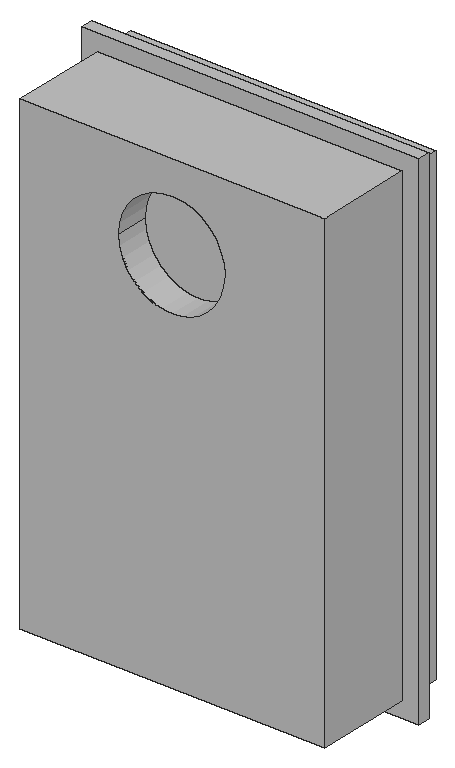
Revit family "Supply_System-Fittings-Golan_Plastic_Products-PlasticBoxForBoiler-00", category Generic Models, Revit 2015
Parameters (values of type "Std")
  URL = "https://golanplastic.com/%D7%A4%D7%A7%D7%A1%D7%92%D7%95%D7%9C-is/"
  Manufacturer = "Golan Plastic Product Ltd."  # constant formula
  Price [instance] = 23  # constant formula
  Part Number [instance] = "94202025"  # constant formula
  IsCustom [instance] = no
  Dimension [instance] = ""
  Default Elevation = 0.000 mm
Reference planes
  plane 1 "Centro (Fronte/Retro)": y = 0
  plane 2: z = 0
  plane 3 "Centro (Sinistra/Destra)": x = 0
Forms (mm)
  Extrusion 1, solid, material "Default New Material"
    sketch origin (0, -2, 0) x (1, 0, 0) y (0, 1, 0)
      loop
        line (-51.5, -31.75) -> (51.5, -31.75) -> (51.5, 31.75) -> (-51.5, 31.75) -> (-51.5, -31.75)
    from 0 to 155
  Extrusion 2, void
    sketch origin (0, 29.75, 0) x (1, 0, 0) y (0, 1, 0)
      loop
        circle (0, -21) r 19
    from 0 to 50
  Extrusion 3, void
    sketch origin (0, 29.75, 0) x (1, 0, 0) y (0, 1, 0)
      loop
        line (-51.5, -63.5) -> (-46.5, -63.5) -> (-46.5, -33.75) -> (-51.5, -33.75) -> (-51.5, -63.5)
      loop
        line (-51.5, 0) -> (-51.5, -29.75) -> (-46.5, -29.75) -> (-46.5, 0) -> (-51.5, 0)
      loop
        line (51.5, -63.5) -> (51.5, -33.75) -> (46.5, -33.75) -> (46.5, -63.5) -> (51.5, -63.5)
      loop
        line (51.5, 0) -> (46.5, 0) -> (46.5, -29.75) -> (51.5, -29.75) -> (51.5, 0)
    from 0 to 250
  Extrusion 4, void
    sketch origin (0, 29.75, 0) x (1, 0, 0) y (0, 1, 0)
      loop
        line (0, 0) -> (-46.5, 0) -> (-46.5, -21) -> (-21, -21)
        arc (-21, -21) -> (-14.849, -6.151) -> (0, 0) r 21
    from 0 to 50
  Extrusion 5, void
    sketch origin (0, 29.75, 0) x (-1, 0, 0) y (0, -1, 0)
      loop
        arc (0, 0) -> (-14.849, 6.151) -> (-21, 21) r 21
        line (-21, 21) -> (-46.5, 21) -> (-46.5, 0) -> (0, 0)
    from 0 to 50
  Extrusion 6, void
    sketch origin (0, 29.75, 0) x (1, 0, 0) y (0, 1, 0)
      loop
        line (-21, -21) -> (-21, 0) -> (-46.5, 0) -> (-46.5, -21) -> (-21, -21)
      loop
        line (21, -21) -> (46.5, -21) -> (46.5, 0) -> (21, 0) -> (21, -21)
    from 100 to 50
  Extrusion 7, void
    sketch origin (0, 29.75, 0) x (1, 0, 0) y (0, 1, 0)
      loop
        line (-46.5, 0) -> (-46.5, -21) -> (46.5, -21) -> (46.5, 0) -> (-46.5, 0)
    from 100 to 155
  Extrusion 8, void
    sketch origin (0, 29.75, 0) x (1, 0, 0) y (0, 1, 0)
      loop
        line (-46.5, -29.75) -> (46.5, -29.75) -> (46.5, -21) -> (-46.5, -21) -> (-46.5, -29.75)
      loop
        line (46.5, -63.5) -> (46.5, -33.75) -> (-46.5, -33.75) -> (-46.5, -63.5) -> (46.5, -63.5)
    from 150 to 155
  Extrusion 9, void
    sketch origin (0, 29.75, 0) x (1, 0, 0) y (0, 1, 0)
      loop
        line (-46.5, -29.75) -> (46.5, -29.75) -> (46.5, 10.25) -> (-46.5, 10.25) -> (-46.5, -29.75)
      loop
        line (46.5, -63.5) -> (46.5, -33.75) -> (-46.5, -33.75) -> (-46.5, -63.5) -> (46.5, -63.5)
    from 0 to 5
  Extrusion 10, void
    sketch origin (-348.5, -33.75, 0) x (-1, 0, 0) y (0, 0, 1)
      loop
        circle (-348.5, 123.75) r 16.25
    from 0 to 10
Cuts and joins
  Extrusion 2, Extrusion 3, Extrusion 4, Extrusion 5, Extrusion 6, Extrusion 7, Extrusion 8, Extrusion 9, Extrusion 10 cuts Extrusion 1
Dimensions and locks
  aligned and locked: level to plane 2
